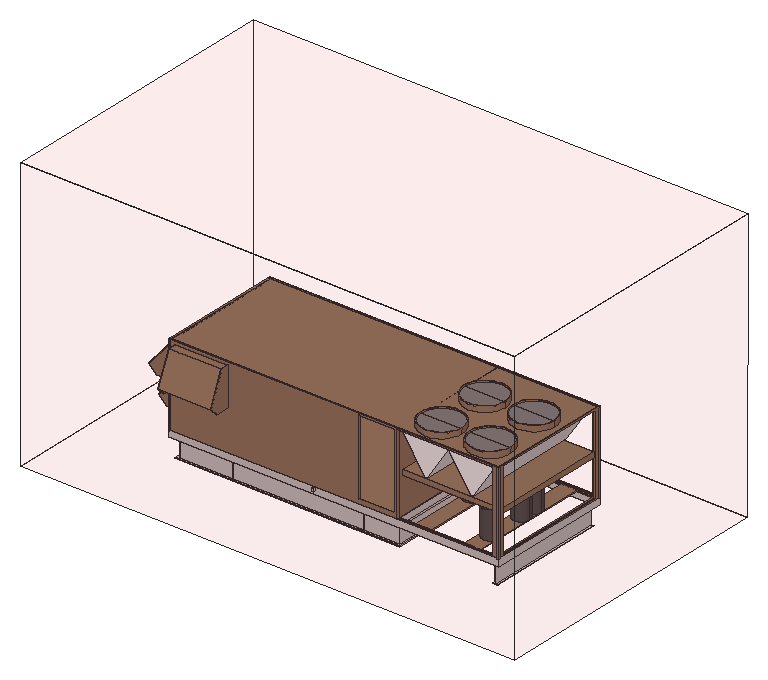
Revit family
Parameters (values of type "25 Ton - C - C - 208V")
  Width = 92"  # constant formula
  Voltage = 0 V
  URL = "www.johnsoncontrols.com"
  Temperature Rise Range [instance] = 0 °F
  Supply Fan HP = 7.5 VA
  Supply Fan Full Load Current = 0 A
  Supply Air Front [instance] = yes
  Supply Air Connection Width = 26"  # constant formula
  Supply Air Connection Height = 55"  # constant formula
  Supply Air Connection Description = "Supply Air"  # constant formula
  Supply Air Blower RPM = 567
  Supply Air Back [instance] = not(Supply Air Front)  # no
  Steady State Efficiency [instance] = 0
  Static Resistance [instance] = -0.14
  Serial Number [instance] = ""
  Screen Door Detail Height = Height - 5 5/8"  # 58 3/8"
  Return Air Dry Bulb Temperature [instance] = 68 °F
  Return Air Connection Width = 83"  # constant formula
  Return Air Connection Height = 38 151/256"  # constant formula
  Return Air Connection Description = "Return Air"  # constant formula
  Refrigerant Used = "R-410A"  # constant formula
  Refrigerant Charge System Two = 0.00 lbf
  Refrigerant Charge System Three = 0.00 lbf
  Refrigerant Charge System One = 0.00 lbf
  Refrigerant Charge System Four = 0.00 lbf
  Product Page URL = "http://www.johnsoncontrols.com/publish/us/en/products/building_efficiency/integrated_hvac_systems/Industrial___Commercial_HVAC_Equipment/single-package_units/series_40.html"
  Product Documentation Link = "http://www.johnsoncontrols.com/publish/etc/medialib/jci/be/commercial/products/industrial___commercial/single-package_units.Par.8585.File.dat/series%2040%20-V%20series.pdf"
  Power Factor = 1  # constant formula
  Power Convenience Outlet Description [instance] = if(Power Convenience Outlet, "Convenience Outlet Power", "Disable")  # "Convenience Outlet Power"
  Power Convenience Outlet [instance] = yes
  Power Connector Description = "Equipment Power"  # constant formula
  Power Exhaust [instance] = yes
  Outdoor Ambient Temperature [instance] = 75 °F
  Outdoor Air Wet Bulb Temperature [instance] = 57 °F
  Operating Weight = 4410.00 lbf
  OmniClass Title = "Packaged Rooftop Air Conditioning Units"  # constant formula
  OmniClass Number = "23.75.10.24.21.27.14"  # constant formula
  Number of Poles = 3
  Nominal Cooling Capacity = 0.0 ton
  Model = "V32CB"
  Maximum Overcurrent Protection = 0 A
  Manufacturer = "Johnson Controls, Inc."  # constant formula
  Length = 240"  # constant formula
  Keynote = "15700"
  Integrated Part Load Value = 0
  Hot Gas By Pass [instance] = no
  Height = 64"  # constant formula
  Frame Material = Metal - JCI - Steel - Galvanized
  Frame Finish = Paint - JCI - Powder Coated - Brown
  Filter Type = "2\" TA"
  Filter Size and Quantity = "4 / 16 x 25 & 6 / 20 x 25"  # constant formula
  Filter Face Area = 30.40 SF  # constant formula
  Family Revision Date = "06/18/2010"  # constant formula
  External Static Pressure [instance] = 0.00 in-wg
  Exhaust Fan Type = "FC"  # constant formula
  Exhaust Fan Quantity = 1
  Exhaust Fan HP [instance] = 0 VA
  Exhaust Fan Drive = "Belt Drive"
  Exhaust Air Width = 79"  # constant formula
  Exhaust Air Flow = 0 CFM
  Exhaust Air Blower Full Load Current [instance] = 0 A
  Evaporator Coil Row Count = 2
  Evaporator Coil Fins per Inch = 16  # constant formula
  Evaporator Coil Face Area = 26.00 SF
  Energy Efficiency Rating = 10.5
  Economizer Damper Hood Right [instance] = not(Economizer Damper Hood Left)  # yes
  Economizer Damper Hood Left [instance] = no
  Duct Connector Length = Width / 2  # 46"
  Drain Connection Radius = Condensate Drain Connection Diameter / 2  # 3/4"
  Design Supply Air Flow [instance] = 0 CFM
  Description = "Air Handling Unit, Commercial Comfort System, Series 40, Cooling Only, Bottor Return-Front And Rear Supply 25 to 40 Ton Unit"  # constant formula
  Curb Width = 87"  # constant formula
  Curb Thicknes = 2"  # constant formula
  Curb Metal Gauge = 1/8"  # constant formula
  Curb Length = 235"  # constant formula
  Curb Height = 14"
  Curb Material = Metal - JCI - Steel - Galvanized
  Curb Exists [instance] = yes
  Copyright © = "Copyright © 2001-2009 Johnson Controls"  # constant formula
  Convenience Outlet Voltage [instance] = if(Power Convenience Outlet, 115 V, 0 V)  # 115 V
  Convenience Outlet Full Load Current = 0 A
  Electric Connection Radius = 3/4"  # constant formula
  Condenser Material = Metal - JCI - Aluminum - Perforated - Micro Channel
  Condenser Fan Quantity = 4
  Condenser Fan HP = 0 VA
  Condenser Fan Full Load Current = 0 A
  Condenser Fan Drive Type = "Belt Drive"
  Condenser Fan Diameter = 30"
  Condenser Coils Fins per Inch = 16  # constant formula
  Condenser Coil Rows = 2
  Condensate Drain Connection Diameter = 1 1/2"  # constant formula
  Condensate Drain Connection Description = "Condensate Drain"  # constant formula
  Compressor Type = "Scroll"  # constant formula
  Compressor Size = "5.7 Tons"
  Compressor Running Load Current = 0 A
  Compressor Quantity = 4
  Compressor Maximum Continuous Current = 0 A
  Compressor Material = Metal - JCI - Cast Iron - Coated Black
  Compressor Locked Rotor Current = 0 A
  Clearance Top = 120"
  Clearance Right = 60"
  Clearance Left = 60"
  Clearance Front = 60"
  Clearance Bottom [instance] = if(Curb Exists, CTRL Curb Height, 0")  # 14"
  Clearance Back = 60"
  Clearance [instance] = Include Clearance : Include Clearance
  CTRL Duct Connector Angle [instance] = if(Supply Air Front, 180.00°, 0.00°)  # 180.00°
  CTRL Curb Height [instance] = if(Curb Exists, if(Curb Height < 9", 8", 14"), 0")  # 14"
  Assembly Code = "D3050200"
  Actual Supply Air Flow [instance] = 0 CFM
  Actual Return Air Flow [instance] = 0 CFM
  Actual Condensate Drain Flow [instance] = 0 GPM
Reference planes (in)
  plane 1 "Center (Front/Back)": y = 0
  plane 2 "Curb Bottom": z = 0
  plane 3 "Center (Left/Right)": x = -0.00016
  plane 4 "Curb Left": x = -117.50016
  plane 5 "Curb Right": x = 117.49984
  plane 6 "Curb Front": y = -43.5
  plane 7 "Curb Back": y = 43.5
  plane 8 "Return Air Left": x = -115.50016
  plane 9 "Right Rail Center L/R": x = 115.49984
  plane 10 "Curv Front Inset": y = -41.5
  plane 11 "Curv Back Inset": y = 41.5
  plane 12 "Curb Top": z = 14
  plane 13 "Curb Top Offset": z = 12.5
  plane 14 "Return Air Right": x = -76.91031
  plane 15 "Return Air Right Offset": x = -74.91031
  plane 16 "Supply Air Left": x = 18.17969
  plane 17 "Supply Air Right'": x = 44.17969
  plane 18 "Supply Air Right Offset": x = 46.17969
  plane 19 "Supply Air Left Offset": x = 16.17969
  plane 20 "Supply Air Opening Front": y = -30.10938
  plane 21 "Supply Air Opening Front Offset": y = -32.10938
  plane 22 "Right Rail Left": x = 113.49984
  plane 23 "Right": x = 119.99984
  plane 24 "Left": x = -120.00016
  plane 25 "Back": y = 46
  plane 26 "Front": y = -46
  plane 27 "Center of Drain Connection L/R": x = -39.07016
  plane 28 "Top of Base": z = 18.625
  plane 29 "Drain Center T/B": z = 16.3125
  plane 30 "Drain Back": y = 47
  plane 31 "Flanged Drain Left": x = -42.195
  plane 32 "Flanged Drain Right": x = -35.94531
  plane 33 "Center of Electrical Connection L/R": x = -8.50016
  plane 34 "Center of Electrical Connection F/B": y = -39.54
  plane 35 "Center of Connection Holes T/B": z = 17.0625
  plane 36 "Return Air Front": y = -41.5
  plane 37 "Return Air Back": y = 41.5
  plane 38 "Supply Air Bottom": z = 22.15
  plane 39 "Supply Air Top": z = 77.15
  plane 40 "Top": z = 78
  plane 41 "Center (Elevation)": z = 46
  plane 42 "Center of Duct Connection": z = 49.65625
  plane 43 "Center of Duct Connection Horizontal": z = 49.65625
  plane 44 "Center of Duct Connection Vertical": y = 0
  plane 45 "Supply Air Center L/R": x = 31.17969
  plane 46 "Screen Door Access Bottom": z = 19.125
  plane 47 "Condenser Fans Front": y = -27.97667
  plane 48 "Condenser Fans Back": y = 11.33333
  plane 49 "Fans Row 2": x = 99.6698
  plane 50 "Center of Condenser Fans L/R": x = 81.83977
  plane 51 "Fans Row One": x = 64.00973
  plane 52 "Economizer Top": z = 76
  plane 53 "Power Exhaust Bottom": z = 21.94
  plane 54 "Convenience Outlet Center L/R": x = -14.50016
  plane 55 "Convenience Outlet Right": x = -13.75016
  plane 56 "Convenience Outlet Left": x = -15.25016
  plane 57 "Convenience Outlet Top": z = 18.0625
  plane 58 "Convenience Outlet Bottom": z = 16.0625
  plane 59 "Convenience Outlet Front": y = -46.75
  plane 60 "Duct Center": x = -96.20523
Forms (in)
  Sweep 1, solid, material "Metal - JCI - Steel - Galvanized" <- "Curb Material", visible <- "Curb Exists", detail levels fine
    path origin (0, 0, 0) x (1, 0, 0) y (0, 1, 0)
      loop
        line (-115.50016, 41.5) -> (-115.50016, -41.5) -> (44.17969, -41.5) -> (44.17969, 41.5) -> (-115.50016, 41.5)
    profile origin (-35.66023, 41.5, 0) x (0, 1, 0) y (0, 0, 1)
      loop
        line (0, 0) -> (2, 0) -> (2, 0.125) -> (0.125, 0.125) -> (0.125, 13.875) -> (1.875, 13.875) -> (1.875, 12.5) -> (2, 12.5) -> (2, 14) -> (0, 14) -> (0, 0)
  Extrusion 2, solid, material "Metal - JCI - Steel - Galvanized" <- "Curb Material", visible <- "Curb Exists", detail levels fine
    sketch origin (0, 0, 0) x (1, 0, 0) y (0, 0, 1)
      loop
        line (16.17969, 12.5) -> (16.30469, 12.5) -> (16.30469, 13.875) -> (18.05469, 13.875) -> (18.05469, 0.125) -> (16.17969, 0.125) -> (16.17969, 0) -> (18.17969, 0) -> (18.17969, 14) -> (16.17969, 14) -> (16.17969, 12.5)
      loop
        line (-74.91031, 12.5) -> (-74.91031, 14) -> (-76.91031, 14) -> (-76.91031, 0) -> (-74.91031, 0) -> (-74.91031, 0.125) -> (-76.78531, 0.125) -> (-76.78531, 13.875) -> (-75.03531, 13.875) -> (-75.03531, 12.5) -> (-74.91031, 12.5)
    from -41.5 to 41.5
  Extrusion 3, solid, material "Metal - JCI - Steel - Galvanized" <- "Curb Material", visible <- "Curb Exists", detail levels fine
    sketch origin (-0.00016, 0, 0) x (0, 1, 0) y (0, 0, 1)
      loop
        line (-32.10938, 0.125) -> (-32.10938, 0) -> (-30.10938, 0) -> (-30.10938, 14) -> (-32.10938, 14) -> (-32.10938, 12.5) -> (-31.98438, 12.5) -> (-31.98438, 13.875) -> (-30.23438, 13.875) -> (-30.23438, 0.125) -> (-32.10938, 0.125)
    from 18.17984 to 44.17984
  Extrusion 4, solid, material "Metal - JCI - Steel - Galvanized" <- "Curb Material", visible <- "Curb Exists", detail levels fine
    sketch origin (0, 0, 0) x (1, 0, 0) y (0, 0, 1)
      loop
        line (113.49984, 0.125) -> (113.49984, 0) -> (117.49984, 0) -> (117.49984, 0.125) -> (115.62484, 0.125) -> (115.62484, 13.875) -> (117.37484, 13.875) -> (117.37484, 12.5) -> (117.49984, 12.5) -> (117.49984, 14) -> (113.49984, 14) -> (113.49984, 12.5) -> (113.62484, 12.5) -> (113.62484, 13.875) -> (115.37484, 13.875) -> (115.37484, 0.125) -> (113.49984, 0.125)
    from -43.5 to 43.5
  Extrusion 5, solid, material "Metal - JCI - Steel - Galvanized" <- "Curb Material", visible <- "Curb Exists", detail levels medium
    sketch origin (0, 0, 12.5) x (-1, 0, 0) y (0, -1, 0)
      loop
        line (117.50016, -43.5) -> (117.50016, 43.5) -> (-46.17969, 43.5) -> (-46.17969, -43.5) -> (117.50016, -43.5)
      loop
        line (-113.49984, -43.5) -> (-113.49984, 43.5) -> (-117.49984, 43.5) -> (-117.49984, -43.5) -> (-113.49984, -43.5)
      loop
        line (115.50016, -41.5) -> (115.50016, 41.5) -> (76.91031, 41.5) -> (76.91031, -41.5) -> (115.50016, -41.5)
    from -12.5 to 1.5
  Revolve 6, solid, material "Metal - JCI - Steel - Galvanized" <- "Curb Material", detail levels medium+fine
    sketch origin (0, 0, 16.3125) x (-1, 0, 0) y (0, -1, 0)
      loop
        line (39.07016, -47) -> (39.07016, -46) -> (38.32016, -46) -> (38.32016, -47) -> (39.07016, -47)
      axis (39.07016, -46) -> (39.07016, -47)
    angle from 0 to 360
  Extrusion 7, solid, material "Metal - JCI - Steel - Galvanized" <- "Curb Material", detail levels medium+fine
    sketch origin (0, -43.5, 0) x (-1, 0, 0) y (0, 0, 1)
      loop
        line (42.195, 18.625) -> (35.94531, 18.625) -> (35.94531, 14) -> (42.195, 14) -> (42.195, 18.625)
      loop
        circle (39.07016, 16.3125) r 0.75
    from 89.5 to 89.57955
  Extrusion 8, void
    sketch origin (0, -43.5, 0) x (-1, 0, 0) y (0, 0, 1)
      loop
        circle (8.50016, 17.0625) r 0.75
    from -2.5 to 3.96
  Revolve 9, solid, material "Paint - JCI - Powder Coated - Brown" <- "Frame Finish", not visible, detail levels fine
    sketch origin (31.17969, 0, 0) x (0, -1, 0) y (0, 0, 1)
      loop
        line (46, 49.65625) -> (46, 50.65625) -> (45, 50.65625) -> (45, 49.65625) -> (46, 49.65625)
      axis (45, 49.65625) -> (46, 49.65625)
    angle from 0 to 360
  Extrusion 10, void
    sketch origin (0, 0, 16.3125) x (-1, 0, 0) y (0, -1, 0)
      loop
        line (115.50016, -41.5) -> (115.50016, 41.5) -> (76.91031, 41.5) -> (76.91031, -41.5) -> (115.50016, -41.5)
    from -3.8125 to -2.3125
  Extrusion 11, solid, material "Metal - JCI - Steel - Galvanized" <- "Frame Material", visible <- "Power Convenience Outlet", detail levels medium+fine
    sketch origin (0, -46, 0) x (-1, 0, 0) y (0, 0, 1)
      loop
        line (15.25016, 18.0625) -> (13.75016, 18.0625) -> (13.75016, 16.0625) -> (15.25016, 16.0625) -> (15.25016, 18.0625)
    from -0.75 to 0
Cuts and joins
  Extrusion 8 cuts Sweep 1
Lines and regions (in)
  Masking region 1
    outline origin (0, 0, 0) x (1, 0, 0) y (0, 0, 1)
      loop
        line (113.49984, 14) -> (113.49984, 0) -> (117.49984, 0) -> (117.49984, 14) -> (113.49984, 14)
      loop
        line (-117.50016, 14) -> (-117.50016, 0) -> (46.17969, 0) -> (46.17969, 14) -> (-117.50016, 14)
  Masking region 2
    outline origin (-0.00016, 0, 0) x (0, 1, 0) y (0, 0, 1)
      loop
        line (-43.5, 14) -> (-43.5, 0) -> (43.5, 0) -> (43.5, 14) -> (-43.5, 14)
  Masking region 3, visible <- "Power Convenience Outlet"
    outline origin (0, -46, 0) x (-1, 0, 0) y (0, 0, 1)
      loop
        line (15.25016, 18.0625) -> (13.75016, 18.0625) -> (13.75016, 16.0625) -> (15.25016, 16.0625) -> (15.25016, 18.0625)
  Masking region 4, visible <- "Power Convenience Outlet", detail levels medium+fine
    outline origin (-14.50016, 0, 0) x (0, -1, 0) y (0, 0, 1)
      loop
        line (46.75, 18.0625) -> (46, 18.0625) -> (46, 16.0625) -> (46.75, 16.0625) -> (46.75, 18.0625)
  Masking region 5, visible <- "Power Convenience Outlet", detail levels medium+fine
    outline origin (0, 0, 17.0625) x (-1, 0, 0) y (0, -1, 0)
      loop
        line (15.25016, 46) -> (15.25016, 46.75) -> (13.75016, 46.75) -> (13.75016, 46) -> (15.25016, 46)
  Masking region 6, detail levels medium+fine
    outline origin (-39.07016, 0, 0) x (0, -1, 0) y (0, 0, 1)
      loop
        line (-46, 17.0625) -> (-47, 17.0625) -> (-47, 15.5625) -> (-46, 15.5625) -> (-46, 17.0625)
  Masking region 7, detail levels medium+fine
    outline origin (0, 0, 17.0625) x (-1, 0, 0) y (0, -1, 0)
      loop
        line (39.82016, -47) -> (39.82016, -46) -> (38.32016, -46) -> (38.32016, -47) -> (39.82016, -47)
  model lines, style "Roof Curv", visible <- "Curb Exists", detail levels coarse
    curve 1: line (-117.50016, 43.5, 0) -> (46.17969, 43.5, 0)
    curve 2: line (-117.50016, 43.5, 0) -> (-117.50016, -43.5, 0)
    curve 3: line (-117.50016, -43.5, 0) -> (46.17969, -43.5, 0)
    curve 4: line (46.17969, 43.5, 0) -> (46.17969, -43.5, 0)
    curve 5: line (115.49984, 43.5, 0) -> (115.49984, -43.5, 0)
    curve 6: line (-117.50016, 43.5, 14) -> (46.17969, 43.5, 14)
    curve 7: line (-117.50016, -43.5, 14) -> (46.17969, -43.5, 14)
    curve 8: line (46.17969, 43.5, 14) -> (46.17969, -43.5, 14)
    curve 9: line (-117.50016, 43.5, 14) -> (-117.50016, -43.5, 14)
    curve 10: line (115.49984, 43.5, 14) -> (115.49984, -43.5, 14)
    curve 11: line (113.49984, -43.5, 14) -> (117.49984, -43.5, 14)
    curve 12: line (113.49984, 43.5, 14) -> (117.49984, 43.5, 14)
    curve 13: line (113.49984, 43.5, 0) -> (117.49984, 43.5, 0)
    curve 14: line (113.49984, -43.5, 0) -> (117.49984, -43.5, 0)
    curve 15: line (117.49984, 43.5, 14) -> (117.49984, 43.5, 12.5)
    curve 16: line (113.49984, 43.5, 14) -> (113.49984, 43.5, 12.5)
    curve 17: line (115.49984, 43.5, 14) -> (115.49984, 43.5, 0)
    curve 18: line (113.49984, -43.5, 14) -> (113.49984, -43.5, 12.5)
    curve 19: line (117.49984, -43.5, 14) -> (117.49984, -43.5, 12.5)
    curve 20: line (115.49984, -43.5, 14) -> (115.49984, -43.5, 0)
    curve 21: line (113.49984, 43.5, 0) -> (113.49984, -43.5, 0)
    curve 22: line (117.49984, 43.5, 0) -> (117.49984, -43.5, 0)
    curve 23: line (113.49984, 43.5, 14) -> (113.49984, -43.5, 14)
    curve 24: line (117.49984, 43.5, 14) -> (117.49984, -43.5, 14)
    curve 25: line (117.49984, 43.5, 12.5) -> (117.49984, -43.5, 12.5)
    curve 26: line (113.49984, -43.5, 12.5) -> (113.49984, 43.5, 12.5)
    curve 27: line (44.17969, 41.5, 14) -> (44.17969, 41.5, 0)
    curve 28: line (-115.50016, 41.5, 14) -> (-115.50016, 41.5, 0)
    curve 29: line (-115.50016, -41.5, 14) -> (-115.50016, -41.5, 0)
    curve 30: line (44.17969, -41.5, 14) -> (44.17969, -41.5, 0)
    curve 31: line (-115.50016, 41.5, 0) -> (44.17969, 41.5, 0)
    curve 32: line (-115.50016, -41.5, 0) -> (44.17969, -41.5, 0)
    curve 33: line (44.17969, 41.5, 0) -> (44.17969, -41.5, 0)
    curve 34: line (-115.50016, 41.5, 0) -> (-115.50016, -41.5, 0)
    curve 35: line (-115.50016, 41.5, 14) -> (44.17969, 41.5, 14)
    curve 36: line (44.17969, 41.5, 14) -> (44.17969, -41.5, 14)
    curve 37: line (44.17969, -41.5, 14) -> (-115.50016, -41.5, 14)
    curve 38: line (-115.50016, -41.5, 14) -> (-115.50016, 41.5, 14)
    curve 39: line (-117.50016, 43.5, 14) -> (-115.50016, 41.5, 14)
    curve 40: line (-117.50016, -43.5, 14) -> (-115.50016, -41.5, 14)
    curve 41: line (44.17969, -41.5, 14) -> (46.17969, -43.5, 14)
    curve 42: line (44.17969, 41.5, 14) -> (46.17969, 43.5, 14)
    curve 43: line (44.17969, 41.5, 0) -> (46.17969, 43.5, 0)
    curve 44: line (44.17969, -41.5, 0) -> (46.17969, -43.5, 0)
    curve 45: line (-115.50016, -41.5, 0) -> (-117.50016, -43.5, 0)
    curve 46: line (-115.50016, 41.5, 0) -> (-117.50016, 43.5, 0)
    curve 47: line (-117.50016, 43.5, 14) -> (-117.50016, 43.5, 12.5)
    curve 48: line (46.17969, 43.5, 14) -> (46.17969, 43.5, 12.5)
    curve 49: line (-117.50016, -43.5, 14) -> (-117.50016, -43.5, 12.5)
    curve 50: line (46.17969, -43.5, 14) -> (46.17969, -43.5, 12.5)
    curve 51: line (-117.50016, 43.5, 12.5) -> (46.17969, 43.5, 12.5)
    curve 52: line (-117.50016, -43.5, 12.5) -> (-117.50016, 43.5, 12.5)
    curve 53: line (46.17969, -43.5, 12.5) -> (-117.50016, -43.5, 12.5)
    curve 54: line (46.17969, 43.5, 12.5) -> (46.17969, -43.5, 12.5)
  model lines, style "Roof Curv", detail levels coarse
    curve 55: line (-39.07016, 46, 16.3125) -> (-39.07016, 47, 16.3125)
  symbolic lines, style "Roof Curv", detail levels coarse
    curve 56: line (-39.07016, 46, 16.3125) -> (-39.07016, 47, 16.3125)
    curve 57: line (-39.07016, 46, 16.3125) -> (-39.07016, 47, 16.3125)
  model lines, style "Duct Connectors", visible <- "Supply Air Front", detail levels coarse
    curve 58: line (18.17969, -46, 77.15) -> (44.17969, -46, 77.15)
    curve 59: line (18.17969, -46, 77.15) -> (18.17969, -46, 22.15)
    curve 60: line (18.17969, -46, 22.15) -> (44.17969, -46, 22.15)
    curve 61: line (44.17969, -46, 77.15) -> (44.17969, -46, 22.15)
  model lines, style "Duct Connectors", visible <- "Supply Air Back", detail levels coarse
    curve 62: line (44.17969, 46, 77.15) -> (18.17969, 46, 77.15)
    curve 63: line (44.17969, 46, 77.15) -> (44.17969, 46, 22.15)
    curve 64: line (18.17969, 46, 77.15) -> (18.17969, 46, 22.15)
    curve 65: line (44.17969, 46, 22.15) -> (18.17969, 46, 22.15)
  model lines, style "Duct Connectors", detail levels coarse
    curve 66: line (-115.50016, 41.5, 12.5) -> (-76.91031, 41.5, 12.5)
    curve 67: line (-115.50016, 41.5, 12.5) -> (-115.50016, -41.5, 12.5)
    curve 68: line (-76.91031, 41.5, 12.5) -> (-76.91031, -41.5, 12.5)
    curve 69: line (-115.50016, -41.5, 12.5) -> (-76.91031, -41.5, 12.5)
  model lines, style "Frame Unit", visible <- "Power Convenience Outlet", detail levels coarse
    curve 70: line (-15.25016, -46, 18.0625) -> (-13.75016, -46, 18.0625)
    curve 71: line (-13.75016, -46, 18.0625) -> (-13.75016, -46, 16.0625)
    curve 72: line (-13.75016, -46, 16.0625) -> (-15.25016, -46, 16.0625)
    curve 73: line (-15.25016, -46, 18.0625) -> (-15.25016, -46, 16.0625)
    curve 74: line (-14.50016, -46.75, 17.0625) -> (-14.50016, -46, 17.0625)
  symbolic lines, style "Frame Unit", visible <- "Power Convenience Outlet", detail levels coarse
    curve 75: line (-14.50016, -46.75, 17.0625) -> (-14.50016, -46, 17.0625)
    curve 76: line (-14.50016, -46, 17.0625) -> (-14.50016, -46.75, 17.0625)
Dimensions and locks (in)
  "Curb Thicknes": plane 9 "Right Rail Center L/R" to plane 5 "Curb Right"
  "Curb Thicknes": plane 4 "Curb Left" to plane 8 "Return Air Left"
  "Curb Height": plane 12 "Curb Top" to plane 2 "Curb Bottom"
  locked: plane 12 "Curb Top" to plane 13 "Curb Top Offset" at 1.5
  "Curb Metal Gauge": Sweep 1 sketch curve to plane 7 "Curb Back"
  "Curb Metal Gauge": plane 12 "Curb Top" to Sweep 1 sketch curve
  "Curb Metal Gauge": plane 11 "Curv Back Inset" to Sweep 1 sketch curve
  "Curb Metal Gauge": Sweep 1 sketch curve to plane 2 "Curb Bottom"
  "Curb Thicknes": plane 14 "Return Air Right" to plane 15 "Return Air Right Offset"
  "Return Air Connection Height": plane 8 "Return Air Left" to plane 14 "Return Air Right"
  "Supply Air Connection Width": plane 16 "Supply Air Left" to plane 17 "Supply Air Right'"
  "Curb Thicknes": plane 17 "Supply Air Right'" to plane 18 "Supply Air Right Offset"
  "Curb Thicknes": plane 19 "Supply Air Left Offset" to plane 16 "Supply Air Left"
  locked: plane 17 "Supply Air Right'" to plane 23 "Right" at 75.82016
  "Curb Metal Gauge": plane 14 "Return Air Right" to Extrusion 2 sketch curve
  "Curb Metal Gauge": Extrusion 2 sketch curve to plane 2 "Curb Bottom"  (x2)
  "Curb Metal Gauge": Extrusion 2 sketch curve to plane 15 "Return Air Right Offset"
  "Curb Metal Gauge": plane 12 "Curb Top" to Extrusion 2 sketch curve  (x2)
  "Curb Metal Gauge": plane 19 "Supply Air Left Offset" to Extrusion 2 sketch curve
  "Curb Metal Gauge": Extrusion 2 sketch curve to plane 16 "Supply Air Left"
  locked: plane 20 "Supply Air Opening Front" to plane 11 "Curv Back Inset" at 71.60938
  "Curb Thicknes": plane 20 "Supply Air Opening Front" to plane 21 "Supply Air Opening Front Offset"
  "Curb Metal Gauge": Extrusion 3 sketch curve to plane 20 "Supply Air Opening Front"
  "Curb Metal Gauge": plane 21 "Supply Air Opening Front Offset" to Extrusion 3 sketch curve
  "Curb Metal Gauge": plane 12 "Curb Top" to Extrusion 3 sketch curve
  "Curb Metal Gauge": Extrusion 3 sketch curve to plane 2 "Curb Bottom"
  "Curb Thicknes": plane 22 "Right Rail Left" to plane 9 "Right Rail Center L/R"
  "Curb Metal Gauge": plane 12 "Curb Top" to Extrusion 4 sketch curve
  "Curb Metal Gauge": Extrusion 4 sketch curve to plane 5 "Curb Right"
  "Curb Metal Gauge": Extrusion 4 sketch curve to plane 2 "Curb Bottom"
  "Curb Metal Gauge": Extrusion 4 sketch curve to plane 9 "Right Rail Center L/R"
  "Curb Metal Gauge": plane 9 "Right Rail Center L/R" to Extrusion 4 sketch curve
  "Curb Metal Gauge": Extrusion 4 sketch curve to plane 22 "Right Rail Left"
  "Length": plane 24 "Left" to plane 23 "Right"
  equal spacing: plane 25 "Back", plane 1 "Center (Front/Back)", plane 26 "Front"
  "Width": plane 25 "Back" to plane 26 "Front"
  locked: plane 7 "Curb Back" to plane 25 "Back" at 2.5
  locked: plane 6 "Curb Front" to plane 26 "Front" at 2.5
  "Curb Thicknes": plane 10 "Curv Front Inset" to plane 6 "Curb Front"
  "Curb Thicknes": plane 11 "Curv Back Inset" to plane 7 "Curb Back"
  locked: plane 5 "Curb Right" to plane 23 "Right" at 2.5
  locked: plane 24 "Left" to plane 4 "Curb Left" at 2.5
  locked: plane 24 "Left" to plane 27 "Center of Drain Connection L/R" at 80.93
  locked: plane 28 "Top of Base" to plane 12 "Curb Top" at 4.625
  equal spacing: plane 28 "Top of Base", plane 29 "Drain Center T/B", plane 12 "Curb Top"
  "Drain Connection Radius": Revolve 6 sketch curve to Revolve 6 sketch curve
  locked: plane 25 "Back" to plane 30 "Drain Back" at 1
  equal spacing: plane 32 "Flanged Drain Right", plane 27 "Center of Drain Connection L/R", plane 31 "Flanged Drain Left"
  plane 32 "Flanged Drain Right" to plane 31 "Flanged Drain Left" = 6.24969"
  "Drain Connection Radius": Extrusion 7 sketch curve to plane 29 "Drain Center T/B"
  "Drain Connection Radius": plane 27 "Center of Drain Connection L/R" to Extrusion 7 sketch curve
  locked: plane 25 "Back" to Extrusion 7 at 0.07955
  locked: plane 33 "Center of Electrical Connection L/R" to plane 23 "Right" at 128.5
  locked: plane 34 "Center of Electrical Connection F/B" to plane 26 "Front" at 6.46
  locked: plane 35 "Center of Connection Holes T/B" to plane 12 "Curb Top" at 3.0625
  "Electric Connection Radius": plane 33 "Center of Electrical Connection L/R" to Extrusion 8 sketch curve
  "Electric Connection Radius": plane 35 "Center of Connection Holes T/B" to Extrusion 8 sketch curve
  equal spacing: plane 37 "Return Air Back", plane 1 "Center (Front/Back)", plane 36 "Return Air Front"
  "Return Air Connection Width": plane 37 "Return Air Back" to plane 36 "Return Air Front"
  locked: plane 38 "Supply Air Bottom" to plane 12 "Curb Top" at 8.15
  "Supply Air Connection Height": plane 39 "Supply Air Top" to plane 38 "Supply Air Bottom"
  "Height": plane 40 "Top" to plane 12 "Curb Top"
  equal spacing: plane 40 "Top", plane 41 "Center (Elevation)", plane 12 "Curb Top"
  locked: plane 42 "Center of Duct Connection" to plane 12 "Curb Top" at 35.65625
  locked: plane 43 "Center of Duct Connection Horizontal" to plane 42 "Center of Duct Connection" at 0
  locked: plane 44 "Center of Duct Connection Vertical" to plane 1 "Center (Front/Back)" at 0
  "Duct Connector Length": Revolve 9 sketch curve to Revolve 9 sketch curve
  locked: Revolve 9 sketch curve to Revolve 9 sketch curve at 1  (x2)
  equal spacing: plane 16 "Supply Air Left", plane 45 "Supply Air Center L/R", plane 17 "Supply Air Right'"
  equal spacing: plane 24 "Left", plane 3 "Center (Left/Right)", plane 23 "Right"
  locked: plane 46 "Screen Door Access Bottom" to plane 12 "Curb Top" at 5.125
  locked: plane 48 "Condenser Fans Back" to plane 47 "Condenser Fans Front" at 39.31
  equal spacing: plane 18 "Supply Air Right Offset", plane 51 "Fans Row One", plane 50 "Center of Condenser Fans L/R", plane 49 "Fans Row 2", plane 5 "Curb Right"
  locked: plane 30 "Drain Back" to plane 48 "Condenser Fans Back" at 35.66667
  locked: plane 40 "Top" to plane 52 "Economizer Top" at 2
  locked: plane 53 "Power Exhaust Bottom" to plane 12 "Curb Top" at 7.94
  locked: plane 54 "Convenience Outlet Center L/R" to plane 33 "Center of Electrical Connection L/R" at 6
  equal spacing: plane 55 "Convenience Outlet Right", plane 54 "Convenience Outlet Center L/R", plane 56 "Convenience Outlet Left"
  locked: plane 55 "Convenience Outlet Right" to plane 56 "Convenience Outlet Left" at 1.5
  locked: plane 57 "Convenience Outlet Top" to plane 58 "Convenience Outlet Bottom" at 2
  equal spacing: plane 57 "Convenience Outlet Top", plane 35 "Center of Connection Holes T/B", plane 58 "Convenience Outlet Bottom"
  locked: plane 59 "Convenience Outlet Front" to plane 26 "Front" at 0.75
  "Drain Connection Radius": plane 29 "Drain Center T/B" to Masking region 6 sketch curve
  "Drain Connection Radius": Masking region 6 sketch curve to plane 29 "Drain Center T/B"
  "Drain Connection Radius": plane 27 "Center of Drain Connection L/R" to Masking region 7 sketch curve
  "Drain Connection Radius": Masking region 7 sketch curve to plane 27 "Center of Drain Connection L/R"
  locked: plane 24 "Left" to plane 60 "Duct Center" at 23.79492
  "Electric Connection Radius": radius of Extrusion 8 sketch curve
  "CTRL Duct Connector Angle": angle plane 43 "Center of Duct Connection Horizontal" to Revolve 9 sketch curve
  locked: Revolve 9 sketch curve to Revolve 9 sketch curve (angle 90.00°)
  aligned and locked: plane 2 "Curb Bottom" to level
  aligned and locked: Sweep 1 sketch curve to plane 11 "Curv Back Inset"
  aligned and locked: Sweep 1 sketch curve to plane 12 "Curb Top"
  aligned and locked: plane 13 "Curb Top Offset" to Sweep 1 sketch curve
  aligned and locked: plane 11 "Curv Back Inset" to Sweep 1 sketch curve
  aligned and locked: plane 10 "Curv Front Inset" to Sweep 1 sketch curve
  aligned and locked: Sweep 1 sketch curve to plane 8 "Return Air Left"
  aligned and locked: plane 7 "Curb Back" to Sweep 1 sketch curve
  aligned and locked: Sweep 1 sketch curve to plane 2 "Curb Bottom"
  aligned and locked: plane 17 "Supply Air Right'" to Sweep 1 sketch curve
  aligned and locked: plane 16 "Supply Air Left" to Extrusion 2 sketch curve
  aligned and locked: Extrusion 2 sketch curve to plane 19 "Supply Air Left Offset"  (x2)
  aligned and locked: Extrusion 2 sketch curve to plane 12 "Curb Top"
  aligned and locked: plane 2 "Curb Bottom" to Extrusion 2 sketch curve
  aligned and locked: Extrusion 2 sketch curve to plane 15 "Return Air Right Offset"  (x2)
  aligned and locked: plane 14 "Return Air Right" to Extrusion 2 sketch curve
  aligned and locked: plane 12 "Curb Top" to Extrusion 2 sketch curve
  aligned and locked: Extrusion 2 sketch curve to plane 2 "Curb Bottom"
  aligned and locked: Extrusion 2 to plane 11 "Curv Back Inset"
  aligned and locked: Extrusion 2 to plane 10 "Curv Front Inset"
  aligned and locked: Extrusion 2 sketch curve to plane 13 "Curb Top Offset"
  aligned and locked: plane 13 "Curb Top Offset" to Extrusion 2 sketch curve
  aligned and locked: Extrusion 3 sketch curve to plane 12 "Curb Top"
  aligned and locked: plane 2 "Curb Bottom" to Extrusion 3 sketch curve
  aligned and locked: Extrusion 3 sketch curve to plane 20 "Supply Air Opening Front"
  aligned and locked: plane 21 "Supply Air Opening Front Offset" to Extrusion 3 sketch curve  (x2)
  aligned and locked: plane 13 "Curb Top Offset" to Extrusion 3 sketch curve
  aligned and locked: plane 16 "Supply Air Left" to Extrusion 3
  aligned and locked: Extrusion 3 to plane 17 "Supply Air Right'"
  aligned and locked: Extrusion 4 sketch curve to plane 12 "Curb Top"
  aligned and locked: plane 22 "Right Rail Left" to Extrusion 4 sketch curve  (x2)
  aligned and locked: plane 13 "Curb Top Offset" to Extrusion 4 sketch curve  (x2)
  aligned and locked: plane 5 "Curb Right" to Extrusion 4 sketch curve  (x2)
  aligned and locked: plane 2 "Curb Bottom" to Extrusion 4 sketch curve
  aligned and locked: Extrusion 4 sketch curve to Extrusion 4 sketch curve  (x2)
  aligned and locked: Extrusion 4 to plane 7 "Curb Back"
  aligned and locked: Extrusion 4 to plane 6 "Curb Front"
  aligned and locked: plane 6 "Curb Front" to curve 4
  aligned and locked: plane 7 "Curb Back" to curve 5
  aligned and locked: plane 6 "Curb Front" to curve 5
  aligned and locked: curve 5 to plane 9 "Right Rail Center L/R"
  aligned and locked: plane 18 "Supply Air Right Offset" to curve 1
  aligned and locked: plane 4 "Curb Left" to curve 3
  aligned and locked: curve 3 to plane 6 "Curb Front"
  aligned and locked: plane 4 "Curb Left" to curve 9
  aligned and locked: plane 18 "Supply Air Right Offset" to curve 7
  aligned and locked: plane 22 "Right Rail Left" to curve 11
  aligned and locked: plane 22 "Right Rail Left" to curve 14
  aligned and locked: plane 5 "Curb Right" to curve 11
  aligned and locked: plane 5 "Curb Right" to curve 14
  aligned and locked: curve 11 to plane 6 "Curb Front"
  aligned and locked: curve 14 to plane 6 "Curb Front"
  aligned and locked: plane 18 "Supply Air Right Offset" to curve 8
  aligned and locked: plane 7 "Curb Back" to curve 10
  aligned and locked: curve 10 to plane 9 "Right Rail Center L/R"
  aligned and locked: plane 5 "Curb Right" to curve 13
  aligned and locked: plane 22 "Right Rail Left" to curve 12
  aligned and locked: plane 22 "Right Rail Left" to curve 13
  aligned and locked: plane 7 "Curb Back" to curve 12
  aligned and locked: plane 7 "Curb Back" to curve 13
  aligned and locked: plane 4 "Curb Left" to curve 6
  aligned and locked: plane 4 "Curb Left" to curve 1
  aligned and locked: plane 18 "Supply Air Right Offset" to curve 6
  aligned and locked: plane 6 "Curb Front" to curve 9
  aligned and locked: plane 6 "Curb Front" to curve 2
  aligned and locked: plane 12 "Curb Top" to curve 18
  aligned and locked: plane 12 "Curb Top" to curve 16
  aligned and locked: plane 12 "Curb Top" to curve 20
  aligned and locked: plane 12 "Curb Top" to curve 17
  aligned and locked: plane 12 "Curb Top" to curve 15
  aligned and locked: plane 12 "Curb Top" to curve 19
  aligned and locked: plane 13 "Curb Top Offset" to curve 18
  aligned and locked: plane 13 "Curb Top Offset" to curve 16
  aligned and locked: plane 13 "Curb Top Offset" to curve 15
  aligned and locked: plane 13 "Curb Top Offset" to curve 19
  aligned and locked: plane 2 "Curb Bottom" to curve 20
  aligned and locked: plane 2 "Curb Bottom" to curve 17
  aligned and locked: curve 16 to plane 22 "Right Rail Left"
  aligned and locked: curve 18 to plane 22 "Right Rail Left"
  aligned and locked: plane 5 "Curb Right" to curve 15
  aligned and locked: plane 5 "Curb Right" to curve 19
  aligned and locked: curve 17 to plane 9 "Right Rail Center L/R"
  aligned and locked: curve 20 to plane 9 "Right Rail Center L/R"
  aligned and locked: plane 5 "Curb Right" to curve 24
  aligned and locked: plane 7 "Curb Back" to curve 24
  aligned and locked: plane 7 "Curb Back" to curve 23
  aligned and locked: plane 7 "Curb Back" to curve 22
  aligned and locked: plane 7 "Curb Back" to curve 21
  aligned and locked: plane 6 "Curb Front" to curve 23
  aligned and locked: plane 6 "Curb Front" to curve 24
  aligned and locked: plane 6 "Curb Front" to curve 21
  aligned and locked: plane 6 "Curb Front" to curve 22
  aligned and locked: plane 7 "Curb Back" to curve 25
  aligned and locked: plane 7 "Curb Back" to curve 26
  aligned and locked: plane 6 "Curb Front" to curve 25
  aligned and locked: plane 5 "Curb Right" to curve 25
  aligned and locked: plane 22 "Right Rail Left" to curve 26
  aligned and locked: plane 12 "Curb Top" to curve 30
  aligned and locked: plane 12 "Curb Top" to curve 27
  aligned and locked: plane 12 "Curb Top" to curve 28
  aligned and locked: plane 12 "Curb Top" to curve 29
  aligned and locked: plane 2 "Curb Bottom" to curve 29
  aligned and locked: plane 2 "Curb Bottom" to curve 28
  aligned and locked: plane 2 "Curb Bottom" to curve 30
  aligned and locked: plane 2 "Curb Bottom" to curve 27
  aligned and locked: plane 17 "Supply Air Right'" to curve 27
  aligned and locked: plane 17 "Supply Air Right'" to curve 30
  aligned and locked: plane 8 "Return Air Left" to curve 28
  aligned and locked: plane 8 "Return Air Left" to curve 29
  aligned and locked: plane 8 "Return Air Left" to curve 31
  aligned and locked: plane 17 "Supply Air Right'" to curve 35
  aligned and locked: plane 10 "Curv Front Inset" to curve 36
  aligned and locked: plane 10 "Curv Front Inset" to curve 33
  aligned and locked: plane 17 "Supply Air Right'" to curve 33
  aligned and locked: curve 32 to plane 10 "Curv Front Inset"
  aligned and locked: plane 8 "Return Air Left" to curve 32
  aligned and locked: plane 10 "Curv Front Inset" to curve 38
  aligned and locked: curve 38 to plane 8 "Return Air Left"
  aligned and locked: plane 11 "Curv Back Inset" to curve 31
  aligned and locked: plane 11 "Curv Back Inset" to curve 35
  aligned and locked: plane 8 "Return Air Left" to curve 39
  aligned and locked: plane 7 "Curb Back" to curve 39
  aligned and locked: plane 11 "Curv Back Inset" to curve 42
  aligned and locked: plane 7 "Curb Back" to curve 42
  aligned and locked: plane 7 "Curb Back" to curve 43
  aligned and locked: plane 11 "Curv Back Inset" to curve 43
  aligned and locked: plane 18 "Supply Air Right Offset" to curve 44
  aligned and locked: plane 17 "Supply Air Right'" to curve 44
  aligned and locked: plane 17 "Supply Air Right'" to curve 41
  aligned and locked: plane 4 "Curb Left" to curve 40
  aligned and locked: plane 6 "Curb Front" to curve 40
  aligned and locked: curve 46 to curve 39
  aligned and locked: plane 7 "Curb Back" to curve 46
  aligned and locked: plane 6 "Curb Front" to curve 41
  aligned and locked: plane 13 "Curb Top Offset" to curve 47
  aligned and locked: plane 13 "Curb Top Offset" to curve 49
  aligned and locked: plane 12 "Curb Top" to curve 47
  aligned and locked: plane 12 "Curb Top" to curve 49
  aligned and locked: plane 4 "Curb Left" to curve 47
  aligned and locked: plane 4 "Curb Left" to curve 49
  aligned and locked: plane 13 "Curb Top Offset" to curve 48
  aligned and locked: plane 13 "Curb Top Offset" to curve 50
  aligned and locked: plane 12 "Curb Top" to curve 50
  aligned and locked: plane 12 "Curb Top" to curve 48
  aligned and locked: plane 18 "Supply Air Right Offset" to curve 48
  aligned and locked: plane 18 "Supply Air Right Offset" to curve 50
  aligned and locked: plane 18 "Supply Air Right Offset" to curve 54
  aligned and locked: plane 7 "Curb Back" to curve 51
  aligned and locked: plane 7 "Curb Back" to curve 54
  aligned and locked: plane 6 "Curb Front" to curve 54
  aligned and locked: plane 18 "Supply Air Right Offset" to curve 53
  aligned and locked: plane 6 "Curb Front" to curve 52
  aligned and locked: plane 4 "Curb Left" to curve 53
  aligned and locked: plane 4 "Curb Left" to curve 51
  aligned and locked: plane 18 "Supply Air Right Offset" to curve 51
  aligned and locked: plane 7 "Curb Back" to curve 52
  aligned and locked: plane 7 "Curb Back" to Extrusion 5 sketch curve  (x2)
  aligned and locked: Extrusion 5 sketch curve to plane 4 "Curb Left"
  aligned and locked: plane 6 "Curb Front" to Extrusion 5 sketch curve  (x2)
  aligned and locked: plane 18 "Supply Air Right Offset" to Extrusion 5 sketch curve
  aligned and locked: plane 22 "Right Rail Left" to Extrusion 5 sketch curve
  aligned and locked: plane 5 "Curb Right" to Extrusion 5 sketch curve
  aligned and locked: Extrusion 5 to plane 2 "Curb Bottom"
  aligned and locked: plane 12 "Curb Top" to Extrusion 5
  aligned and locked: Revolve 6 sketch curve to plane 27 "Center of Drain Connection L/R"
  aligned and locked: Revolve 6 sketch curve to plane 25 "Back"
  aligned and locked: Revolve 6 sketch curve to Revolve 6 sketch curve
  aligned and locked: plane 30 "Drain Back" to Revolve 6 sketch curve
  aligned and locked: plane 25 "Back" to curve 55
  aligned and locked: plane 30 "Drain Back" to curve 55
  aligned and locked: plane 27 "Center of Drain Connection L/R" to curve 55
  aligned and locked: plane 30 "Drain Back" to curve 56
  aligned and locked: plane 25 "Back" to curve 56
  aligned and locked: plane 27 "Center of Drain Connection L/R" to curve 56
  aligned and locked: plane 30 "Drain Back" to curve 57
  aligned and locked: plane 25 "Back" to curve 57
  aligned and locked: curve 57 to plane 29 "Drain Center T/B"
  aligned and locked: plane 32 "Flanged Drain Right" to Extrusion 7 sketch curve
  aligned and locked: plane 12 "Curb Top" to Extrusion 7 sketch curve
  aligned and locked: plane 31 "Flanged Drain Left" to Extrusion 7 sketch curve
  aligned and locked: Extrusion 7 sketch curve to plane 28 "Top of Base"
  aligned and locked: plane 25 "Back" to Extrusion 7
  aligned and locked: plane 34 "Center of Electrical Connection F/B" to Extrusion 8
  aligned and locked: Extrusion 8 to plane 26 "Front"
  aligned and locked: plane 1 "Center (Front/Back)" to nested 1
  aligned and locked: plane 3 "Center (Left/Right)" to nested 1
  aligned and locked: Masking region 1 sketch curve to plane 12 "Curb Top"  (x2)
  aligned and locked: Masking region 1 sketch curve to plane 4 "Curb Left"
  aligned and locked: plane 2 "Curb Bottom" to Masking region 1 sketch curve  (x2)
  aligned and locked: plane 18 "Supply Air Right Offset" to Masking region 1 sketch curve
  aligned and locked: plane 5 "Curb Right" to Masking region 1 sketch curve
  aligned and locked: plane 22 "Right Rail Left" to Masking region 1 sketch curve
  aligned and locked: Masking region 2 sketch curve to plane 12 "Curb Top"
  aligned and locked: plane 7 "Curb Back" to Masking region 2 sketch curve
  aligned and locked: plane 2 "Curb Bottom" to Masking region 2 sketch curve
  aligned and locked: plane 6 "Curb Front" to Masking region 2 sketch curve
  aligned and locked: plane 1 "Center (Front/Back)" to nested 2
  aligned and locked: plane 3 "Center (Left/Right)" to nested 2
  aligned and locked: plane 12 "Curb Top" to nested 2
  aligned and locked: plane 43 "Center of Duct Connection Horizontal" to Revolve 9 sketch curve
  aligned and locked: plane 44 "Center of Duct Connection Vertical" to Revolve 9 sketch curve
  aligned and locked: Revolve 9 sketch curve to Revolve 9 sketch curve  (x2)
  aligned and locked: plane 16 "Supply Air Left" to curve 58
  aligned and locked: curve 58 to plane 39 "Supply Air Top"
  aligned and locked: plane 16 "Supply Air Left" to curve 60
  aligned and locked: plane 38 "Supply Air Bottom" to curve 61
  aligned and locked: curve 60 to plane 38 "Supply Air Bottom"
  aligned and locked: plane 17 "Supply Air Right'" to curve 58
  aligned and locked: plane 39 "Supply Air Top" to curve 61
  aligned and locked: plane 38 "Supply Air Bottom" to curve 59
  aligned and locked: plane 39 "Supply Air Top" to curve 59
  aligned and locked: plane 16 "Supply Air Left" to curve 62
  aligned and locked: plane 16 "Supply Air Left" to curve 65
  aligned and locked: curve 65 to plane 38 "Supply Air Bottom"
  aligned and locked: plane 39 "Supply Air Top" to curve 64
  aligned and locked: plane 38 "Supply Air Bottom" to curve 64
  aligned and locked: plane 38 "Supply Air Bottom" to curve 63
  aligned and locked: curve 63 to curve 27
  aligned and locked: plane 39 "Supply Air Top" to curve 63
  aligned and locked: plane 37 "Return Air Back" to Extrusion 10 sketch curve
  aligned and locked: Extrusion 10 sketch curve to plane 8 "Return Air Left"
  aligned and locked: plane 14 "Return Air Right" to Extrusion 10 sketch curve
  aligned and locked: plane 36 "Return Air Front" to Extrusion 10 sketch curve
  aligned and locked: plane 12 "Curb Top" to Extrusion 10
  aligned and locked: Extrusion 10 to plane 13 "Curb Top Offset"
  aligned and locked: plane 37 "Return Air Back" to Extrusion 5 sketch curve
  aligned and locked: Extrusion 5 sketch curve to plane 8 "Return Air Left"
  aligned and locked: plane 14 "Return Air Right" to Extrusion 5 sketch curve
  aligned and locked: plane 36 "Return Air Front" to Extrusion 5 sketch curve
  aligned and locked: plane 14 "Return Air Right" to curve 66
  aligned and locked: plane 37 "Return Air Back" to curve 66
  aligned and locked: plane 8 "Return Air Left" to curve 69
  aligned and locked: plane 14 "Return Air Right" to curve 69
  aligned and locked: curve 69 to plane 36 "Return Air Front"
  aligned and locked: plane 37 "Return Air Back" to curve 68
  aligned and locked: plane 36 "Return Air Front" to curve 68
  aligned and locked: plane 36 "Return Air Front" to curve 67
  aligned and locked: plane 37 "Return Air Back" to curve 67
  aligned and locked: plane 12 "Curb Top" to nested 1
  aligned and locked: plane 18 "Supply Air Right Offset" to nested 3
  aligned and locked: nested 3 to plane 46 "Screen Door Access Bottom"
  aligned and locked: nested 4 to plane 1 "Center (Front/Back)"
  aligned and locked: nested 4 to plane 46 "Screen Door Access Bottom"
  aligned and locked: nested 5 to plane 46 "Screen Door Access Bottom"
  aligned and locked: plane 18 "Supply Air Right Offset" to nested 5
  aligned and locked: plane 51 "Fans Row One" to nested 7
  aligned and locked: nested 7 to plane 48 "Condenser Fans Back"
  aligned and locked: plane 49 "Fans Row 2" to nested 6
  aligned and locked: nested 6 to plane 48 "Condenser Fans Back"
  aligned and locked: plane 49 "Fans Row 2" to nested 9
  aligned and locked: nested 9 to plane 47 "Condenser Fans Front"
  aligned and locked: nested 8 to plane 47 "Condenser Fans Front"
  aligned and locked: plane 51 "Fans Row One" to nested 8
  aligned and locked: plane 40 "Top" to nested 9
  aligned and locked: plane 40 "Top" to nested 6
  aligned and locked: plane 40 "Top" to nested 8
  aligned and locked: plane 40 "Top" to nested 7
  aligned and locked: nested 11 to plane 44 "Center of Duct Connection Vertical"
  aligned and locked: nested 10 to plane 48 "Condenser Fans Back"
  aligned and locked: nested 13 to plane 44 "Center of Duct Connection Vertical"
  aligned and locked: nested 12 to plane 47 "Condenser Fans Front"
  aligned and locked: plane 51 "Fans Row One" to nested 11
  aligned and locked: plane 49 "Fans Row 2" to nested 12
  aligned and locked: plane 49 "Fans Row 2" to nested 13
  aligned and locked: plane 49 "Fans Row 2" to nested 10
  aligned and locked: nested 10 to nested 12
  aligned and locked: plane 46 "Screen Door Access Bottom" to nested 12
  aligned and locked: plane 46 "Screen Door Access Bottom" to nested 13
  aligned and locked: plane 46 "Screen Door Access Bottom" to nested 10
  aligned and locked: plane 46 "Screen Door Access Bottom" to nested 11
  aligned and locked: nested 14 to plane 44 "Center of Duct Connection Vertical"
  aligned and locked: nested 14 to plane 18 "Supply Air Right Offset"
  aligned and locked: nested 16 to plane 8 "Return Air Left"
  aligned and locked: nested 16 to plane 25 "Back"
  aligned and locked: nested 15 to plane 8 "Return Air Left"
  aligned and locked: nested 15 to plane 26 "Front"
  aligned and locked: plane 52 "Economizer Top" to nested 15
  aligned and locked: plane 52 "Economizer Top" to nested 16
  aligned and locked: plane 1 "Center (Front/Back)" to nested 17
  aligned and locked: plane 52 "Economizer Top" to nested 17
  aligned and locked: nested 18 to plane 44 "Center of Duct Connection Vertical"
  aligned and locked: nested 18 to plane 24 "Left"
  aligned and locked: plane 53 "Power Exhaust Bottom" to nested 18
  aligned and locked: plane 52 "Economizer Top" to nested 14
  aligned and locked: Extrusion 11 sketch curve to plane 58 "Convenience Outlet Bottom"
  aligned and locked: plane 55 "Convenience Outlet Right" to Extrusion 11 sketch curve
  aligned and locked: plane 56 "Convenience Outlet Left" to Extrusion 11 sketch curve
  aligned and locked: Extrusion 11 sketch curve to plane 57 "Convenience Outlet Top"
  aligned and locked: Masking region 3 sketch curve to plane 57 "Convenience Outlet Top"
  aligned and locked: plane 55 "Convenience Outlet Right" to Masking region 3 sketch curve
  aligned and locked: Masking region 3 sketch curve to plane 58 "Convenience Outlet Bottom"
  aligned and locked: plane 56 "Convenience Outlet Left" to Masking region 3 sketch curve
  aligned and locked: plane 58 "Convenience Outlet Bottom" to curve 73
  aligned and locked: plane 55 "Convenience Outlet Right" to curve 72
  aligned and locked: plane 56 "Convenience Outlet Left" to curve 72
  aligned and locked: curve 72 to plane 58 "Convenience Outlet Bottom"
  aligned and locked: plane 57 "Convenience Outlet Top" to curve 71
  aligned and locked: plane 55 "Convenience Outlet Right" to curve 70
  aligned and locked: plane 56 "Convenience Outlet Left" to curve 70
  aligned and locked: curve 70 to plane 57 "Convenience Outlet Top"
  aligned and locked: plane 26 "Front" to Extrusion 11
  aligned and locked: Extrusion 11 to plane 59 "Convenience Outlet Front"
  aligned and locked: Masking region 4 sketch curve to plane 26 "Front"
  aligned and locked: Masking region 4 sketch curve to plane 58 "Convenience Outlet Bottom"
  aligned and locked: Masking region 4 sketch curve to plane 57 "Convenience Outlet Top"
  aligned and locked: plane 59 "Convenience Outlet Front" to Masking region 4 sketch curve
  aligned and locked: plane 59 "Convenience Outlet Front" to curve 74
  aligned and locked: plane 26 "Front" to curve 74
  aligned and locked: curve 74 to plane 35 "Center of Connection Holes T/B"
  aligned and locked: plane 26 "Front" to curve 75
  aligned and locked: plane 59 "Convenience Outlet Front" to curve 75
  aligned and locked: curve 75 to plane 35 "Center of Connection Holes T/B"
  aligned and locked: Masking region 5 sketch curve to plane 26 "Front"
  aligned and locked: plane 55 "Convenience Outlet Right" to Masking region 5 sketch curve
  aligned and locked: plane 56 "Convenience Outlet Left" to Masking region 5 sketch curve
  aligned and locked: plane 59 "Convenience Outlet Front" to Masking region 5 sketch curve
  aligned and locked: plane 26 "Front" to curve 76
  aligned and locked: plane 59 "Convenience Outlet Front" to curve 76
  aligned and locked: plane 54 "Convenience Outlet Center L/R" to curve 76
  aligned and locked: Masking region 6 sketch curve to plane 25 "Back"
  aligned and locked: plane 30 "Drain Back" to Masking region 6 sketch curve
  aligned and locked: Masking region 7 sketch curve to plane 25 "Back"
  aligned and locked: plane 30 "Drain Back" to Masking region 7 sketch curve
Automatic sketch dimensions
  Extrusion 7 sketch curve to plane 29 "Drain Center T/B" = 0"
  Sweep 1 sketch curve to Sweep 1 sketch curve = 1/8"
  curve 26 to plane 6 "Curb Front" = 0"
  Revolve 6 sketch curve to plane 30 "Drain Back" = 221.22273"
  Revolve 6 sketch curve to plane 26 "Front" = 247.80412"
Nested families (in)
  nested 1: "Commercial_Comfort_Systems-Series_40-JCI-Unit_Cabinet-Bottom_Return_Front_and_Rear_Supply-Cooling_Only" at (-0.00047, 0, 14), type "Frame Box"
  nested 2: "Include Clearance" at (-0.00016, 0, 14), type <- "Clearance", type "Include Clearance"
    with Width 240", Height 64", Depth 92", Clearance Top 120", Clearance Right 60", Clearance Left 60", Clearance Front 60", Clearance Bottom 14", Clearance Back 60"
  nested 3: "Commercial_Comfort_Systems-Series_40-JCI-Screen_Door_Detail" at (80.83594, -46, 48.3125) x (1, 0, 0) z (0, 1, 0), type "Screen Front", detail levels fine
    with Width 69 5/16", Depth 58 3/8"
  nested 4: "Commercial_Comfort_Systems-Series_40-JCI-Screen_Door_Detail" at (119.99984, 0, 48.3125) x (0, 1, 0) z (1, 0, 0), type "Screen Right", detail levels fine
    with Width 84", Depth 58 3/8"
  nested 5: "Commercial_Comfort_Systems-Series_40-JCI-Screen_Door_Detail" at (80.83594, 46, 48.3125) x (-1, 0, 0) z (0, -1, 0), type "Screen Front", detail levels fine
    with Width 69 5/16", Depth 58 3/8"
  nested 6: "Commercial_Comfort_Systems-Series_40-JCI-Condenser_Fan_1" at (99.6698, 11.33333, 78), type "Fan", detail levels medium+fine
    with Radius 2 14 3/4", Radius 15", Diameter 30", 30 inch fan yes
  nested 7: "Commercial_Comfort_Systems-Series_40-JCI-Condenser_Fan_1" at (64.00973, 11.33333, 78), type "Fan", detail levels medium+fine
    with Radius 2 14 3/4", Radius 15", Diameter 30", 30 inch fan yes
  nested 8: "Commercial_Comfort_Systems-Series_40-JCI-Condenser_Fan_1" at (64.00973, -27.97667, 78), type "Fan", detail levels medium+fine
    with Radius 2 14 3/4", Radius 15", Diameter 30", 30 inch fan yes
  nested 9: "Commercial_Comfort_Systems-Series_40-JCI-Condenser_Fan_1" at (99.6698, -27.97667, 78), type "Fan", detail levels medium+fine
    with Radius 2 14 3/4", Radius 15", Diameter 30", 30 inch fan yes
  nested 10: "Commercial_Comfort_Systems-Series_40-JCI-Compressor" at (99.6698, 11.33333, 19.125), type "Compressor"
  nested 11: "Commercial_Comfort_Systems-Series_40-JCI-Compressor" at (64.00973, 0, 19.125), type "Compressor"
  nested 12: "Commercial_Comfort_Systems-Series_40-JCI-Compressor" at (99.6698, -27.97667, 19.125), type "Compressor"
  nested 13: "Commercial_Comfort_Systems-Series_40-JCI-Compressor" at (99.6698, 0, 19.125), type "Compressor"
  nested 14: "Commercial_Comfort_Systems-Series_40-JCI-Condenser_Coil" at (80.67969, 0, 49.625), type "Condenser_Coil"
  nested 15: "Commercial_Comfort_Systems-Series_40-JCI-Economizer_Hood" at (-96.20523, -46, 47.90625), Economizer Hood <- "Economizer Damper Hood Right", type "Economizer"
    with Economizer Hood yes, Cap no
  nested 16: "Commercial_Comfort_Systems-Series_40-JCI-Economizer_Hood" at (-96.20523, 46, 47.90625) x (-1, 0, 0) z (0, 0, 1), Economizer Hood <- "Economizer Damper Hood Left", type "Economizer"
    with Economizer Hood no, Cap yes
  nested 17: "Commercial_Comfort_Systems-Series_40-JCI-Exhaust_Standard" at (-120.00016, 0, 46.90625) x (0, -1, 0) z (0, 0, 1), type "Exhaust", detail levels fine
  nested 18: "Commercial_Comfort_Systems-Series_40-JCI-Power_Exhaust" at (-120.00016, 0, 21.94) x (0, -1, 0) z (0, 0, 1), type "Power Exhaust Optional", detail levels fine
Connectors (in)
  piping at (-39.07016, 47, 16.3125), driven by "Actual Condensate Drain Flow", driven by "Drain Connection Radius", driven by "Condensate Drain Connection Description"
    settings: on Revolve 6, index 1
  electrical at (-8.50016, -46, 17.0625), driven by "Power Factor", driven by "Voltage", driven by "Number of Poles", driven by "Power Connector Description"
    settings: on Extrusion 8, index 2
  hvac at (31.17969, -46, 49.65625), driven by "Actual Supply Air Flow", driven by "Supply Air Connection Height", driven by "Supply Air Connection Width", driven by "Supply Air Connection Description"
    settings: on Revolve 9, index 7
  hvac at (-96.20523, 0, 12.5), driven by "Actual Return Air Flow", driven by "Return Air Connection Height", driven by "Return Air Connection Width", driven by "Return Air Connection Description"
    settings: on Extrusion 10, index 8
  electrical at (-14.50016, -46.75, 17.0625), driven by "Power Factor", driven by "Convenience Outlet Voltage", driven by "Number of Poles", driven by "Power Convenience Outlet Description"
    settings: on Extrusion 11, index 9
Definition of nested family "Commercial_Comfort_Systems-Series_40-JCI-Unit_Cabinet-Bottom_Return_Front_and_Rear_Supply-Cooling_Only"
  Parameters (values of type "Frame Box")
    Width = 92"
    URL = "www.johnsoncontrols.com"
    Supply Air Front = yes
    Supply Air Back = not(Supply Air Front)  # no
    Screen Material = Metal - JCI - Steel - Galvanized - Screen
    Rear Opening Depth = if(Supply Air Back, 2", 1/4")  # 1/4"
    Product Documentation Link = "http://www.johnsoncontrols.com/publish/us/en/products/building_efficiency/integrated_hvac_systems/Industrial___Commercial_HVAC_Equipment/single-package_units/series_40.html"
    Model = "V32CBC"
    Manufacturer = "Johnson Controls"  # constant formula
    Length = 240"
    Height = 64"
    Front Opening Depth = if(Supply Air Front, 2", 1/4")  # 2"
    Frame Finish = Paint - JCI - Powder Coated - Brown
    Description = "Series 40 Single Package RoofTop Units with Bottom Return And Front or Rear Supply - Cooling Only"
    Copyright © = "© 2009, Johnson Controls, Inc"  # constant formula
    Compressor Material = Metal - JCI - Cast Iron - Coated Black
    Base Finish = Metal - JCI - Steel - Galvanized
    Assembly Code = ""
  Reference planes (in)
    plane 1 "Center (Front/Back)": y = 0
    plane 2 "Bottom of Unit": z = 4.625
    plane 3 "Center (Left/Right)": x = 0.00031
    plane 4 "Left of Unit": x = -119.99969
    plane 5 "Right of Unit": x = 120.00031
    plane 6 "Front of Unit": y = -46
    plane 7 "Back of Unit": y = 46
    plane 8 "Top of Unit": z = 64
    plane 9 "Left Inset": x = -118.99969
    plane 10 "Filters and Driers Right": x = 115.50031
    plane 11 "Top Inset": z = 63.5
    plane 12 "Filters and Driers Left": x = 46.18781
    plane 13 "Front Inset": y = -45
    plane 14 "Exhaust Air Front": y = -39.5
    plane 15 "Exhaust Air Back": y = 39.5
    plane 16 "Back Unit Inset": y = 45
    plane 17 "Right Of Unit Inset": x = 119.00031
    plane 18 "Bottom Inset": z = 5.125
    plane 19 "Rain Hood Left": x = -113.49969
    plane 20 "Rain Hood Right": x = -78.90984
    plane 21 "Center (Elevation)": z = 32
    plane 22 "Base Bottom": z = 0
    plane 23 "Open Right": x = 117.50031
    plane 24 "Supply Air Right": x = 44.18781
    plane 25 "Supply Air Left": x = 18.18781
    plane 26 "Return Air Back": y = 41.5
    plane 27 "Supply Air Front": y = -13.5
    plane 28 "Open Back": y = 44
    plane 29 "Open Front": y = -44
    plane 30 "Right Condenser": x = 99.67219
    plane 31 "Fan Front": y = -23.97667
    plane 32 "Fan Back": y = 15.33333
    plane 33 "Center of Economizer L/R": x = -96.20477
    plane 34 "Exhaust Air Bottom": z = 33.89844
    plane 35 "Left Condenser": x = 64.01594
    plane 36 "Compressor Acces Front": y = -42
    plane 37 "Compressor Access Back": y = 42
    plane 38 "Condenser Base": z = 35.625
    plane 39 "Retur Air Left": x = -115.49969
    plane 40 "Return Air Right": x = -76.90984
    plane 41 "Return Air Connection Offset Front": y = -41.5
    plane 42 "Supply Air Bottom": z = 8.14844
    plane 43 "Supply Air Connection Offset Top": z = 63.14844
    plane 44 "Supply Air Opening Back": y = 45.25
    plane 45 "Supply Air Opening Front": y = -47
    plane 46 "Top Of Economizer": z = 61.99219
    plane 47 "Center of Condensers L/R": x = 81.84406
    plane 48: x = 64.30073
    plane 49 "Power Exhaust Bottom": z = 7.94
    plane 50 "Power Exhaust Top": z = 29.36
    plane 51 "Power Exhaust Front": y = -29.75977
    plane 52 "Power Exhaust Back": y = 29.75977
  Forms (in)
    Extrusion 1, solid, material "Paint - JCI - Powder Coated - Brown" <- "Frame Finish", detail levels medium+fine
      sketch origin (0, 0, 0) x (1, 0, 0) y (0, 0, 1)
        loop
          line (-119.99969, 64) -> (-119.99969, 4.625) -> (120.00031, 4.625) -> (120.00031, 64) -> (-119.99969, 64)
        loop
          line (46.18781, 63.5) -> (46.18781, 5.125) -> (115.50031, 5.125) -> (115.50031, 63.5) -> (46.18781, 63.5)
        loop
          line (-115.49969, 61.99219) -> (-115.49969, 33.89844) -> (-76.90984, 33.89844) -> (-76.90984, 61.99219) -> (-115.49969, 61.99219)
      from 45 to 46
    Extrusion 2, solid, material "Paint - JCI - Powder Coated - Brown" <- "Frame Finish", detail levels medium+fine
      sketch origin (0.00031, 0, 0) x (0, 1, 0) y (0, 0, 1)
        loop
          line (-46, 64) -> (-46, 4.625) -> (46, 4.625) -> (46, 64) -> (-46, 64)
        loop
          line (-42, 63.5) -> (-42, 5.125) -> (42, 5.125) -> (42, 63.5) -> (-42, 63.5)
      from 119 to 120
    Extrusion 3, solid, material "Paint - JCI - Powder Coated - Brown" <- "Frame Finish", detail levels medium+fine
      sketch origin (0, 0, 0) x (1, 0, 0) y (0, 0, 1)
        loop
          line (-119.99969, 64) -> (-119.99969, 4.625) -> (120.00031, 4.625) -> (120.00031, 64) -> (-119.99969, 64)
        loop
          line (46.18781, 63.5) -> (46.18781, 5.125) -> (115.50031, 5.125) -> (115.50031, 63.5) -> (46.18781, 63.5)
        loop
          line (-115.49969, 61.99219) -> (-115.49969, 33.89844) -> (-76.90984, 33.89844) -> (-76.90984, 61.99219) -> (-115.49969, 61.99219)
      from -46 to -45
    Extrusion 4, solid, material "Paint - JCI - Powder Coated - Brown" <- "Frame Finish", detail levels medium+fine
      sketch origin (0.00031, 0, 0) x (0, 1, 0) y (0, 0, 1)
        loop
          line (-46, 64) -> (-46, 4.625) -> (46, 4.625) -> (46, 64) -> (-46, 64)
        loop
          line (-39.5, 61.99219) -> (-39.5, 33.89844) -> (39.5, 33.89844) -> (39.5, 61.99219) -> (-39.5, 61.99219)
        loop
          line (29.75977, 29.36) -> (-29.75977, 29.36) -> (-29.75977, 7.94) -> (29.75977, 7.94) -> (29.75977, 29.36)
      from -120 to -119
    Extrusion 5, solid, material "Paint - JCI - Powder Coated - Brown" <- "Frame Finish", detail levels fine
      sketch origin (0, 0, 0) x (1, 0, 0) y (0, 1, 0)
        loop
          line (-118.99969, 45) -> (-118.99969, -45) -> (119.00031, -45) -> (119.00031, 45) -> (-118.99969, 45)
        loop
          line (46.18781, 44) -> (46.18781, -44) -> (117.50031, -44) -> (117.50031, 44) -> (46.18781, 44)
        loop
          line (-115.49969, 41.5) -> (-115.49969, -41.5) -> (-76.90984, -41.5) -> (-76.90984, 41.5) -> (-115.49969, 41.5)
      from 4.625 to 5.125
    Extrusion 6, solid, material "Paint - JCI - Powder Coated - Brown" <- "Frame Finish", detail levels medium+fine
      sketch origin (0, 0, 0) x (1, 0, 0) y (0, 1, 0)
        loop
          line (-118.99969, 45) -> (-118.99969, -45) -> (119.00031, -45) -> (119.00031, 45) -> (-118.99969, 45)
      from 63.5 to 64
    Extrusion 7, solid, material "Metal - JCI - Steel - Galvanized" <- "Base Finish", detail levels medium+fine
      sketch origin (0, 0, 0) x (1, 0, 0) y (0, 1, 0)
        loop
          line (-119.99969, 46) -> (-119.99969, -46) -> (120.00031, -46) -> (120.00031, 46) -> (-119.99969, 46)
        loop
          line (46.18781, 44) -> (46.18781, -44) -> (117.50031, -44) -> (117.50031, 44) -> (46.18781, 44)
        loop
          line (-115.49969, 41.5) -> (-115.49969, -41.5) -> (-76.90984, -41.5) -> (-76.90984, 41.5) -> (-115.49969, 41.5)
